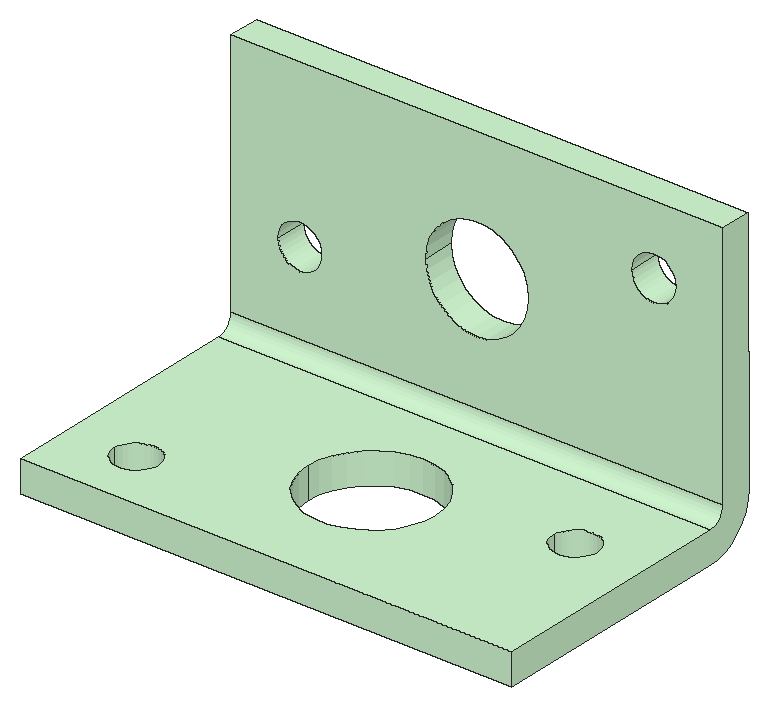
Revit family "L-t3.2×30×50L", category 機械設備, Revit 2020
Family settings
  丸型コネクタ寸法 = 直径を使用
  種別 = なし
  パーツ タイプ = 標準
  作業面ベース = いいえ
  常に垂直 = はい
  ロード時にボイドで切り取り = いいえ
  共有 = いいえ
  部屋計算ポイント = いいえ
Parameters
  製造元 = "株式会社桐井製作所"
  既定の高さ = 0 mm
  URL = "https://www.kirii.co.jp/"
  K_品名 = "L-t3.2×30×50L"
  K_名称 = "その他金物"
  K_入数 = "200"
  K_バージョン情報 = "20210524"
Reference planes
  plane 1 "中心(正面/背面)": y = 0
  plane 2: z = 0
  plane 3 "中心(左/右)": x = 0
Forms (mm)
  Extrusion 1, solid
    sketch origin (0, 0, 0) x (0, 0, -1) y (0, 1, 0)
      loop
        line (-30, -3.2) -> (-4.8, -3.2)
        arc (-4.8, -3.2) -> (-3.669, -3.669) -> (-3.2, -4.8) r 1.6
        line (-3.2, -4.8) -> (-3.2, -30) -> (0, -30) -> (0, -4.8)
        arc (0, -4.8) -> (-1.406, -1.406) -> (-4.8, 0) r 4.8
        line (-4.8, 0) -> (-30, 0) -> (-30, -3.2)
    from -25 to 25
  Extrusion 2, void
    sketch origin (0, 0, 0) x (1, 0, 0) y (0, 1, 0)
      loop
        circle (0, -16.6) r 6.5
      loop
        circle (18, -13.2) r 2.25
      loop
        circle (-18, -24) r 2.25
    from 0 to 3.2
  Extrusion 3, void
    sketch origin (0, 0, 0) x (1, 0, 0) y (0, 0, -1)
      loop
        circle (18, -23) r 2.25
      loop
        circle (-18, -13.2) r 2.25
      loop
        circle (0, -16.6) r 5.25
    from -3.2 to 0
Cuts and joins
  Extrusion 2, Extrusion 3 cuts Extrusion 1
Dimensions and locks
  aligned and locked: level to plane 2
